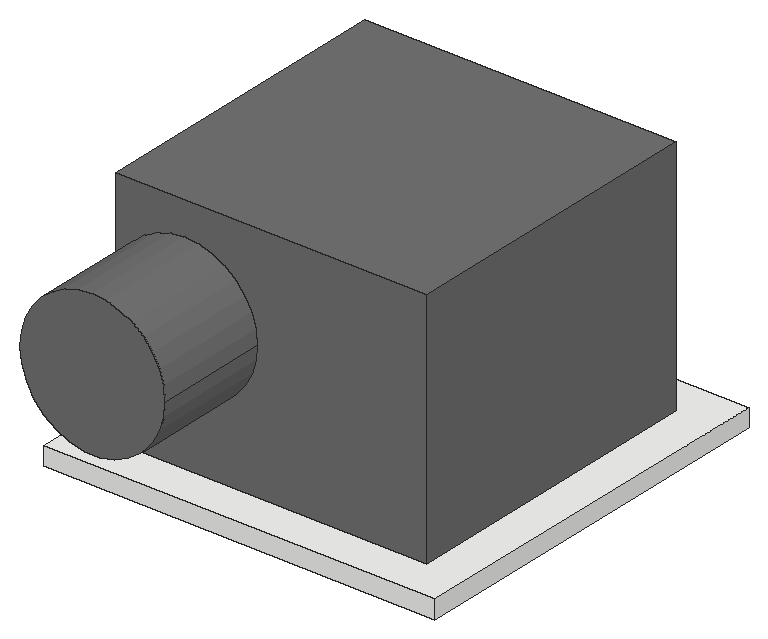
Revit family "vd-07_20z(k)(p)(s)c14(-c)_50Hz", category 機械設備, Revit 2019
Family settings
  丸型コネクタ寸法 = 直径を使用
  パーツ タイプ = 標準
  OmniClass 番号 = 23.75.35.17.27
  OmniClass タイトル = Centrifugal Fans
  作業面ベース = いいえ
  常に垂直 = はい
  ロード時にボイドで切り取り = いいえ
  共有 = いいえ
  部屋計算ポイント = はい
Parameters (values of type "VD-20ZKC14")
  騒音レベル(dB(A)) [instance] = 36.5
  風量 [instance] = 420.0 m³/h
  電源種別 [instance] = ""
  電圧 = 100 V
  電動機出力 = 0 W
  電動機_種別 [instance] = ""
  運転質量 = 0.00 kg
  連動 [instance] = ""
  質量 = if(製品質量 > 運転質量, 製品質量, 運転質量) * 1.2  # 4.32 kg
  負荷分類 = 3_ファン類
  説明 = "ダクト用換気扇 低騒音形"
  設計風量 [instance] = 0.0 m³/h
  設置方法 = "天埋"
  記号 [instance] = ""
  製造元 = "三菱電機株式会社"
  製品質量 = 3.60 kg
  製品出荷対象 = "国内"
  製品リリース年月 = "2024年6月3日"
  製品グループ = ""
  系統 [instance] = ""
  符号 [instance] = if(☑給気／□排気, "FS", "FE")  # "FE"
  積算_科目 = "2 換気設備"
  積算_拾い区分 [instance] = ""
  相 = 1
  盤記号 [instance] = ""
  発停方法 [instance] = ""
  特殊仕様 [instance] = ""
  火災停止 [instance] = ""
  消費電力 = 44 W
  法定耐用年数 = "15"
  機外静圧 [instance] = 0.0 Pa
  極数 = 2
  材質 [instance] = ""
  操作・制御方式 = ""
  操作・制御スイッチ = ""
  排気量 [instance] = if(☑給気／□排気, 0.0 m³/h, 設計風量)  # 0.0 m³/h
  形式 = "天井埋込ダクト形"
  幹線記号 [instance] = ""
  対象室 [instance] = ""
  実風量 [instance] = 0.0 m³/h
  始動方式 [instance] = "直入"
  外気量 [instance] = if(☑給気／□排気, 設計風量, 0.0 m³/h)  # 0.0 m³/h
  呼称 = "天井扇"
  周波数 = 50 Hz
  参照している仕様書等のバージョン = ""
  分類コード = "50052503100030"
  分類グループ = ""
  価格 = 52800
  企業コード = "108420"
  付属品_防振装置 = ""
  付属品 [instance] = ""
  仕様書バージョン = "Version1.0"
  モデル = "VD-20ZKC14"
  マテリアル = 合成樹脂(黒)
  ファンの種類 = ""
  ダクト径 = 150 mm
  コメント [instance] = ""
  Keynote = ""
  カバーマテリアル = 合成樹脂(白)
  ☑給気／□排気 [instance] = no
  Width = 310 mm
  W1 = 390 mm
  Version = ""
  Uniclass2015Version = "Systems v1.9"
  Uniclass2015Title = "Centrifugal fans"
  Uniclass2015Code = "Pr_65_67_29_12"
  URL = "https://www.mitsubishielectric.co.jp/ldg/wink/qr/002/333517/"
  SpecificationReference = ""
  SpecificationDescription = ""
  Revision = ""
  ProductInformation = ""
  OmniClassCode = "23-33 31 19 11 15"
  OAサイズ_D = 0 mm
  MIN風量 = 280.0 m³/h
  MIN静圧 = 0.0 Pa
  MID風量 = 0.0 m³/h
  MID静圧 = 0.0 Pa
  MAX風量 = 420.0 m³/h
  MAX静圧 = 0.0 Pa
  IfcTypeProduct = ""
  IfcProduct = ""
  IfcExportType = "PROPELLORAXIAL"
  IfcExportAs = "IfcFanType"
  Height = 240 mm
  H1 = 18 mm
  EAサイズ_D = 144 mm
  Duct_Height = 135 mm
  Duct_Depth = 115 mm
  Duct_Center = 86 mm
  Depth = 310 mm
  D1 = 390 mm
  Author = "三菱電機株式会社"
Types (13, lengths in mm): name | 騒音レベル(dB(A)) | 風量 | 質量 | 説明 | 製品質量 | 製品リリース年月 | 消費電力 | 価格 | モデル | ダクト径 | Width | W1 | URL | MIN風量 | MAX風量 | Height | H1 | EAサイズ_D | Duct_Height | Duct_Depth | Duct_Center | Depth | D1
  VD-07ZC14 | 25.5 | 50.0 m³/h | 1.32 kg | "ダクト用換気扇 低騒音形 小空間用" | 1.10 kg | "2024年6月3日" | 3.8 W | 19300 | "VD-07ZC14" | 75 | 144 | 210 | "https://www.mitsubishielectric.co.jp/ldg/wink/qr/002/333544/" | 0.0 m³/h | 50.0 m³/h | 178 | 15 | 73 | 90 | 106 | 0 | 144 | 210
  VD-08ZC14 | 25.5 | 50.0 m³/h | 1.44 kg | "ダクト用換気扇 低騒音形 小空間用" | 1.20 kg | "2024年6月3日" | 3.8 W | 19300 | "VD-08ZC14" | 100 | 144 | 210 | "https://www.mitsubishielectric.co.jp/ldg/wink/qr/002/333546/" | 0.0 m³/h | 50.0 m³/h | 178 | 15 | 98 | 102 | 106 | 0 | 144 | 210
  VD-10ZC14 | 21.5 | 90.0 m³/h | 1.68 kg | "ダクト用換気扇 低騒音形" | 1.40 kg | "2024年4月1日" | 7.2 W | 20700 | "VD-10ZC14" | 100 | 174 | 250 | "https://www.mitsubishielectric.co.jp/ldg/wink/qr/002/333555/" | 0.0 m³/h | 90.0 m³/h | 184 | 15 | 98 | 102 | 109 | 0 | 174 | 250
  VD-10ZC14-C | 21.5 | 90.0 m³/h | 1.68 kg | "ダクト用換気扇 低騒音形" | 1.40 kg | "2024年4月1日" | 7.2 W | 20700 | "VD-10ZC14-C" | 100 | 174 | 250 | "https://www.mitsubishielectric.co.jp/ldg/wink/qr/002/333557/" | 0.0 m³/h | 90.0 m³/h | 184 | 15 | 98 | 102 | 109 | 0 | 174 | 250
  VD-13ZC14 | 27.5 | 125.0 m³/h | 1.92 kg | "ダクト用換気扇 低騒音形" | 1.60 kg | "2024年4月1日" | 13 W | 24600 | "VD-13ZC14" | 100 | 198 | 286 | "https://www.mitsubishielectric.co.jp/ldg/wink/qr/002/333579/" | 0.0 m³/h | 125.0 m³/h | 195 | 15 | 98 | 102 | 109 | 56 | 198 | 286
  VD-13ZC14-C | 27.5 | 125.0 m³/h | 1.92 kg | "ダクト用換気扇 低騒音形" | 1.60 kg | "2024年4月1日" | 13 W | 24600 | "VD-13ZC14-C" | 100 | 198 | 286 | "https://www.mitsubishielectric.co.jp/ldg/wink/qr/002/333581/" | 0.0 m³/h | 125.0 m³/h | 195 | 15 | 98 | 102 | 109 | 56 | 198 | 286
  VD-13ZSC14 | 28.5 | 125.0 m³/h | 1.92 kg | "ダクト用換気扇 低騒音形" | 1.60 kg | "2024年6月3日" | 13 W | 27900 | "VD-13ZSC14" | 100 | 204 | 286 | "https://www.mitsubishielectric.co.jp/ldg/wink/qr/002/333594/" | 0.0 m³/h | 125.0 m³/h | 195 | 15 | 98 | 109 | 109 | 0 | 204 | 286
  VD-15ZC14 | 28.5 | 180.0 m³/h | 3.12 kg | "ダクト用換気扇 低騒音形" | 2.60 kg | "2024年6月3日" | 14 W | 25200 | "VD-15ZC14" | 100 | 254 | 330 | "https://www.mitsubishielectric.co.jp/ldg/wink/qr/002/333602/" | 0.0 m³/h | 180.0 m³/h | 200 | 18 | 98 | 109 | 109 | 0 | 254 | 330
  VD-15ZPC14 | 34 | 220.0 m³/h | 3.12 kg | "ダクト用換気扇 低騒音形" | 2.60 kg | "2024年6月3日" | 20 W | 27200 | "VD-15ZPC14" | 100 | 254 | 330 | "https://www.mitsubishielectric.co.jp/ldg/wink/qr/002/333626/" | 0.0 m³/h | 220.0 m³/h | 200 | 18 | 98 | 109 | 109 | 0 | 254 | 330
  VD-17ZSC14 | 34.5 | 260.0 m³/h | 3.24 kg | "ダクト用換気扇 低騒音形" | 2.70 kg | "2024年6月3日" | 21.5 W | 40800 | "VD-17ZSC14" | 150 | 254 | 330 | "https://www.mitsubishielectric.co.jp/ldg/wink/qr/002/333641/" | 0.0 m³/h | 260.0 m³/h | 202 | 18 | 142 | 125 | 110 | 0 | 254 | 330
  VD-18ZC14 | 30 | 320.0 m³/h | 4.20 kg | "ダクト用換気扇 低騒音形" | 3.50 kg | "2024年6月3日" | 26 W | 39800 | "VD-18ZC14" | 150 | 310 | 390 | "https://www.mitsubishielectric.co.jp/ldg/wink/qr/002/333645/" | 0.0 m³/h | 320.0 m³/h | 240 | 18 | 144 | 135 | 115 | 86 | 310 | 390
  VD-20ZC14 | 36.5 | 420.0 m³/h | 4.32 kg | "ダクト用換気扇 低騒音形" | 3.60 kg | "2024年6月3日" | 44 W | 50300 | "VD-20ZC14" | 150 | 310 | 390 | "https://www.mitsubishielectric.co.jp/ldg/wink/qr/002/333513/" | 0.0 m³/h | 420.0 m³/h | 240 | 18 | 144 | 135 | 115 | 86 | 310 | 390
  VD-20ZKC14 | 36.5 | 420.0 m³/h | 4.32 kg | "ダクト用換気扇 低騒音形" | 3.60 kg | "2024年6月3日" | 44 W | 52800 | "VD-20ZKC14" | 150 | 310 | 390 | "https://www.mitsubishielectric.co.jp/ldg/wink/qr/002/333517/" | 280.0 m³/h | 420.0 m³/h | 240 | 18 | 144 | 135 | 115 | 86 | 310 | 390
Reference planes
  plane 1 "中心(正面/背面)": y = 0
  plane 2: z = 0
  plane 3 "中心(左/右)": x = 0
  plane 4: x = -195
  plane 5: x = 195
  plane 6: y = 195
  plane 7: y = -195
  plane 8: x = -155
  plane 9: x = 155
  plane 10: y = 155
  plane 11: y = -155
  plane 12: y = -270
  plane 13: z = 240
  plane 14: z = -18
  plane 15: z = 135
  plane 16: x = -86
Forms (mm)
  Extrusion 1, solid, material "合成樹脂(黒)" <- "マテリアル", detail levels fine
    sketch origin (0, 0, 0) x (1, 0, 0) y (0, 1, 0)
      loop
        line (-155, 155) -> (-155, -155) -> (155, -155) -> (155, 155) -> (-155, 155)
    from 0 to 240
  Extrusion 2, solid, material "合成樹脂(白)" <- "カバーマテリアル", detail levels fine
    sketch origin (0, 0, 0) x (1, 0, 0) y (0, 1, 0)
      loop
        line (-195, 195) -> (-195, -195) -> (195, -195) -> (195, 195) -> (-195, 195)
    from 0 to -18
  Extrusion 3, solid, material "合成樹脂(黒)" <- "マテリアル", detail levels fine
    sketch origin (0, 0, 0) x (1, 0, 0) y (0, 0, 1)
      loop
        circle (-86, 135) r 72
    from 155 to 270
Dimensions and locks
  equal spacing: plane 4, plane 3 "中心(左/右)", plane 5
  "W1": plane 4 to plane 5
  equal spacing: plane 6, plane 1 "中心(正面/背面)", plane 7
  "D1": plane 6 to plane 7
  equal spacing: plane 8, plane 3 "中心(左/右)", plane 9
  "Width": plane 8 to plane 9
  equal spacing: plane 10, plane 1 "中心(正面/背面)", plane 11
  "Depth": plane 10 to plane 11
  "Duct_Depth": plane 11 to plane 12
  "Height": plane 13 to plane 2
  "Duct_Height": plane 15 to plane 2
  "H1": plane 2 to plane 14
  "Duct_Center": plane 3 "中心(左/右)" to plane 16
  "EAサイズ_D": diameter of Extrusion 3 sketch curve
  aligned and locked: level to plane 2
  aligned and locked: plane 5 to Extrusion 2
  aligned and locked: plane 6 to Extrusion 2
  aligned and locked: Extrusion 2 to plane 4
  aligned and locked: Extrusion 2 to plane 7
  aligned and locked: plane 9 to Extrusion 1
  aligned and locked: Extrusion 1 to plane 11
  aligned and locked: Extrusion 1 to plane 8
  aligned and locked: plane 10 to Extrusion 1
  aligned and locked: plane 13 to Extrusion 1
  aligned and locked: Extrusion 2 to plane 14
  aligned and locked: level to Extrusion 2
  aligned and locked: Extrusion 1 to level
  aligned and locked: Extrusion 3 to plane 12
  aligned and locked: plane 11 to Extrusion 3
Automatic sketch dimensions
  Extrusion 1 sketch curve to plane 3 "中心(左/右)" = 155 mm
  plane 3 "中心(左/右)" to Extrusion 1 sketch curve = 155 mm
  Extrusion 2 sketch curve to plane 3 "中心(左/右)" = 195 mm
  plane 3 "中心(左/右)" to Extrusion 2 sketch curve = 195 mm
  plane 1 "中心(正面/背面)" to Extrusion 1 sketch curve = 155 mm
  Extrusion 1 sketch curve to plane 1 "中心(正面/背面)" = 155 mm
  plane 1 "中心(正面/背面)" to Extrusion 2 sketch curve = 195 mm
  Extrusion 2 sketch curve to plane 1 "中心(正面/背面)" = 195 mm
  Extrusion 3 sketch curve to plane 15 = 0 mm
  Extrusion 3 sketch curve to plane 16 = 0 mm
Nested families
  nested 1: "記号_天井換気扇_平面" at (0, 0, 0), type "記号_天井換気扇_平面", detail levels coarse+medium
Connectors
  hvac at (-86, -270, 135), driven by "ダクト径", driven by "風量", driven by "機外静圧"
    settings: on Extrusion 3, index 1, duct flow 420.0 m³/h, flow factor 0, pres drop 0.0 Pa, loss coef 0, conn angle 0.00°, conn width 304.8 mm, conn height 304.8 mm, conn diameter 150 mm, duct sys type 3, conn prof type 0, flow config 0, flow direction 2, loss method 4, conn ref index -1, conn util no, is conn primary yes, conn desc ""
  electrical at (0, 0, 240), driven by "極数", driven by "負荷分類", driven by "電圧", driven by "消費電力"
    settings: on Extrusion 1, index 2, voltage 100 V, apparent load 44 VA, apparent load phase1 0 VA, apparent load phase2 0 VA, apparent load phase3 0 VA, power factor 1, load classification "3_ファン類", number of poles 2, system type 30, power factor state 1, is connector primary yes, connector utility no, sub classification motor no, connector description ""
Definition of nested family "記号_天井換気扇_平面"
  Reference planes
    plane 1: y = 0
    plane 2: x = 0
  Lines and regions (mm)
    detail lines
      curve 1: line (-2.5, 2.5, 0) -> (2.5, 2.5, 0)
      curve 2: line (-2.5, -2.5, 0) -> (-2.5, 2.5, 0)
      curve 3: line (2.5, -2.5, 0) -> (-2.5, -2.5, 0)
      curve 4: line (2.5, 2.5, 0) -> (2.5, -2.5, 0)
      curve 5: circle (-1.04, -1.04, 0) r 1.46 normal (0, 0, 1)
      curve 6: circle (1.04, 1.04, 0) r 1.46 normal (0, 0, 1)
      curve 7: line (-3.125, 3.125, 0) -> (3.125, 3.125, 0)
      curve 8: line (-3.125, -3.125, 0) -> (-3.125, 3.125, 0)
      curve 9: line (3.125, -3.125, 0) -> (-3.125, -3.125, 0)
      curve 10: line (3.125, 3.125, 0) -> (3.125, -3.125, 0)
      curve 11: circle (1.295, 1.295, 0) r 1.83 normal (0, 0, 1)
      curve 12: circle (-1.295, -1.295, 0) r 1.83 normal (0, 0, 1)
      curve 13: line (-2, 2, 0) -> (2, 2, 0)
      curve 14: line (-2, -2, 0) -> (-2, 2, 0)
      curve 15: line (2, -2, 0) -> (-2, -2, 0)
      curve 16: line (2, 2, 0) -> (2, -2, 0)
      curve 17: circle (0.84, 0.84, 0) r 1.16 normal (0, 0, 1)
      curve 18: circle (-0.84, -0.84, 0) r 1.2 normal (0, 0, 1)
